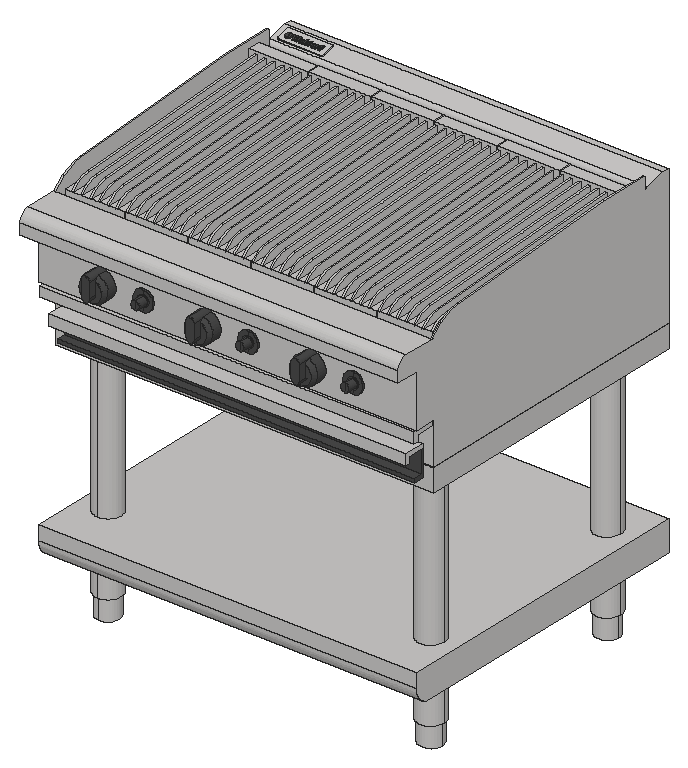
Revit family "QF_MOFFAT WALDORF_CHL8900G-LS", category Specialty Equipment, Revit 2012
Parameters
  Weight in Pounds = 0
  URL Cutsheet = "www.moffat.com"
  URL = "www.moffat.com"
  Type Mark [instance] = ""
  Status [instance] = ""
  Specification by User [instance] = ""
  Specification by Manufacturer = ""
  Show Logo [instance] = yes
  Serial Number = ""
  Seismic Rating = ""
  SMACNA No = ""
  Revision Code [instance] = ""
  Omniclass Number and Title = ""
  NAFEM Spec ID Number = ""
  Model = "CHL8900G-LS"
  Mechanical Remarks [instance] = ""
  Mechanical Connection Type [instance] = ""
  Masterspec = ""
  Manufacturer = "MOFFAT WALDORF"
  Item Number [instance] = ""
  Installed By [instance] = ""
  Identify Quantity as Lot [instance] = yes
  Gas Size = 3/4"
  Gas RI Height [instance] = 0 mm
  Gas KW [instance] = 27.7
  Gas Input [instance] = 94782.0 Btu/h
  Gas Connection Height = 0 mm
  Furnished By [instance] = ""
  Foodservice Equipment Identifier [instance] = yes
  Description = "CHARGRILL LOW SPLASHBACK ON LEG STAND"
  CSI MasterFormat = ""
  CSI Master Format = ""
  Body Finish = QF_Finishes_Stainless Steel
Reference planes
  plane 1 "BACK": y = 0
  plane 2: z = 0
  plane 3 "LEFT": x = 0
  plane 4 "RIGHT": x = 900
  plane 5 "FRONT": y = -805
  plane 6 "TOP": z = 1290
  plane 7 "Center Y": x = 450
  plane 8 "Center X": y = -402.5
  plane 9: z = 970
Forms (mm)
  Extrusion 1, solid, material "QF_Finishes_Stainless Steel" <- "Body Finish"
    sketch origin (0, 0, 0) x (0, 1, 0) y (0, 0, 1)
      loop
        line (-805, 891) -> (-805, 866) -> (-749, 866) -> (-749, 740) -> (-699, 740) -> (-699, 640) -> (0, 640) -> (0, 970) -> (-16.5, 970) -> (-61.106, 957.646)
        arc (-61.106, 957.646) -> (-67.52, 953.36) -> (-70, 946.055) r 12
        line (-70, 946.055) -> (-70, 875) -> (-705, 875) -> (-705, 915) -> (-781, 915)
        arc (-781, 915) -> (-797.971, 907.971) -> (-805, 891) r 24
      loop
        line (0, 585) -> (0, 639.206) -> (-699, 639.206) -> (-699, 585) -> (0, 585)
      loop
        line (0, 222.5) -> (-749, 222.5) -> (-749, 188)
        arc (-749, 188) -> (-737.87, 161.13) -> (-711, 150) r 38
        line (-711, 150) -> (0, 150) -> (0, 222.5)
    from 0 to 900
  Revolve 2, solid, material "QF_Finishes_Stainless Steel" <- "Body Finish"
    sketch origin (424.5, -625, 0) x (1, 0, 0) y (0, 0, -1)
      loop
        line (378.25, -585) -> (410, -585) -> (410, -222.5) -> (378.25, -222.5) -> (378.25, -585)
      loop
        line (378.25, -50) -> (378.25, -150) -> (410, -150) -> (410, 0) -> (382.5, 0) -> (382.5, -50) -> (378.25, -50)
      axis (410, -585) -> (410, 0)
    angle from 0 to 360
  Revolve 3, solid, material "QF_Finishes_Stainless Steel" <- "Body Finish"
    sketch origin (424.5, -100, 0) x (1, 0, 0) y (0, 0, -1)
      loop
        line (378.25, -585) -> (410, -585) -> (410, -222.5) -> (378.25, -222.5) -> (378.25, -585)
      loop
        line (378.25, -50) -> (378.25, -150) -> (410, -150) -> (410, 0) -> (382.5, 0) -> (382.5, -50) -> (378.25, -50)
      axis (410, -585) -> (410, 0)
    angle from 0 to 360
  Revolve 4, solid, material "QF_Finishes_Stainless Steel" <- "Body Finish"
    sketch origin (65.5, -735, 0) x (0, 1, 0) y (0, 0, 1)
      loop
        line (78.25, 585) -> (78.25, 222.5) -> (110, 222.5) -> (110, 585) -> (78.25, 585)
      loop
        line (78.25, 50) -> (82.5, 50) -> (82.5, 0) -> (110, 0) -> (110, 150) -> (78.25, 150) -> (78.25, 50)
      axis (110, 585) -> (110, 0)
    angle from 0 to 360
  Revolve 5, solid, material "QF_Finishes_Stainless Steel" <- "Body Finish"
    sketch origin (65.5, -210, 0) x (0, 1, 0) y (0, 0, 1)
      loop
        line (78.25, 585) -> (78.25, 222.5) -> (110, 222.5) -> (110, 585) -> (78.25, 585)
      loop
        line (78.25, 50) -> (82.5, 50) -> (82.5, 0) -> (110, 0) -> (110, 150) -> (78.25, 150) -> (78.25, 50)
      axis (110, 585) -> (110, 0)
    angle from 0 to 360
  Extrusion 6, solid, material "QF_Finishes_Stainless Steel" <- "Body Finish"
    sketch origin (0, 0, 0) x (0, 1, 0) y (0, 0, 1)
      loop
        line (-70, 875) -> (-70, 980)
        arc (-70, 980) -> (-71.464, 983.536) -> (-75, 985) r 5
        line (-75, 985) -> (-191, 985) -> (-626.365, 954.556)
        arc (-626.365, 954.556) -> (-652.77, 949.064) -> (-676.747, 936.715) r 100
        line (-676.747, 936.715) -> (-705, 915) -> (-705, 875) -> (-70, 875)
    from 0 to 4.5
  Extrusion 7, solid, material "QF_Finishes_Stainless Steel" <- "Body Finish"
    sketch origin (900, 0, 0) x (0, 1, 0) y (0, 0, -1)
      loop
        line (-70, -875) -> (-705, -875) -> (-705, -915) -> (-676.747, -936.715)
        arc (-676.747, -936.715) -> (-652.77, -949.064) -> (-626.365, -954.556) r 100
        line (-626.365, -954.556) -> (-191, -985) -> (-75, -985)
        arc (-75, -985) -> (-71.464, -983.536) -> (-70, -980) r 5
        line (-70, -980) -> (-70, -875)
    from 0 to 3
  Revolve 8, solid, material "QF_Finishes_Black"
    sketch origin (158, 0, 500) x (0, 1, 0) y (0, 0, 1)
      loop
        line (-782, 329.5) -> (-793, 323.651) -> (-793, 297) -> (-749, 297) -> (-749, 302) -> (-759, 302) -> (-759, 329.5) -> (-782, 329.5)
      axis (-793, 297) -> (-749, 297)
    angle from 0 to 360
  Extrusion 9, solid, material "QF_Finishes_Black"
    sketch origin (19.888, 0, 500) x (1, 0, 0) y (0, 0, 1)
      loop
        line (148.3, 289) -> (148.3, 324)
        arc (148.3, 324) -> (138.3, 334) -> (128.3, 324) r 10
        line (128.3, 324) -> (128.3, 289)
        arc (128.3, 289) -> (138.3, 279) -> (148.3, 289) r 10
    from 759 to 808
  Revolve 10, solid, material "QF_Finishes_Black"
    sketch origin (408.244, 0, -160) x (0, 1, 0) y (0, 0, -1)
      loop
        line (-782, -989.5) -> (-759, -989.5) -> (-759, -962) -> (-749, -962) -> (-749, -957) -> (-793, -957) -> (-793, -983.651) -> (-782, -989.5)
      axis (-793, -957) -> (-749, -957)
    angle from 0 to 360
  Extrusion 11, solid, material "QF_Finishes_Black"
    sketch origin (396.356, 0, -160) x (-1, 0, 0) y (0, 0, -1)
      loop
        arc (-1.7, -949) -> (-11.7, -939) -> (-21.7, -949) r 10
        line (-21.7, -949) -> (-21.7, -984)
        arc (-21.7, -984) -> (-11.7, -994) -> (-1.7, -984) r 10
        line (-1.7, -984) -> (-1.7, -949)
    from 759 to 808
  Revolve 12, solid, material "QF_Finishes_Black"
    sketch origin (258.187, 0, 500) x (0, 1, 0) y (0, 0, 1)
      loop
        line (-759, 302) -> (-759, 321) -> (-761.705, 321) -> (-761.705, 309.85) -> (-762.85, 309.85) -> (-762.85, 306.825) -> (-784.88, 306.825) -> (-784.88, 297) -> (-749, 297) -> (-749, 302) -> (-759, 302)
      axis (-749, 297) -> (-784.88, 297)
    angle from 0 to 360
  Revolve 13, solid, material "QF_Finishes_Black"
    sketch origin (508, 0, 500) x (0, 1, 0) y (0, 0, 1)
      loop
        line (-759, 302) -> (-759, 321) -> (-761.705, 321) -> (-761.705, 309.85) -> (-762.85, 309.85) -> (-762.85, 306.825) -> (-784.88, 306.825) -> (-784.88, 297) -> (-749, 297) -> (-749, 302) -> (-759, 302)
      axis (-749, 297) -> (-784.88, 297)
    angle from 0 to 360
  Extrusion 14, solid, material "QF_Finishes_Stainless Steel"
    sketch origin (276, 0, -160) x (0, 1, 0) y (0, 0, 1)
      loop
        line (-132, 1070.364) -> (-132, 1122.849) -> (-630.852, 1092.53)
        arc (-630.852, 1092.53) -> (-656.098, 1085.97) -> (-677, 1070.364) r 67.81
        line (-677, 1070.364) -> (-132, 1070.364)
    from 0 to 4.5
  Extrusion 15, solid, material "QF_Finishes_Stainless Steel"
    sketch origin (255, 0, -160) x (0, 1, 0) y (0, 0, 1)
      loop
        line (-132, 1070.364) -> (-132, 1122.849) -> (-630.852, 1092.53)
        arc (-630.852, 1092.53) -> (-656.098, 1085.97) -> (-677, 1070.364) r 67.81
        line (-677, 1070.364) -> (-132, 1070.364)
    from 0 to 4.5
  Extrusion 16, solid, material "QF_Finishes_Stainless Steel"
    sketch origin (234, 0, -160) x (0, 1, 0) y (0, 0, 1)
      loop
        line (-132, 1070.364) -> (-132, 1122.849) -> (-630.852, 1092.53)
        arc (-630.852, 1092.53) -> (-656.098, 1085.97) -> (-677, 1070.364) r 67.81
        line (-677, 1070.364) -> (-132, 1070.364)
    from 0 to 4.5
  Extrusion 17, solid, material "QF_Finishes_Stainless Steel"
    sketch origin (213, 0, -160) x (0, 1, 0) y (0, 0, 1)
      loop
        line (-132, 1070.364) -> (-132, 1122.849) -> (-630.852, 1092.53)
        arc (-630.852, 1092.53) -> (-656.098, 1085.97) -> (-677, 1070.364) r 67.81
        line (-677, 1070.364) -> (-132, 1070.364)
    from 0 to 4.5
  Extrusion 18, solid, material "QF_Finishes_Stainless Steel"
    sketch origin (192, 0, -160) x (0, 1, 0) y (0, 0, 1)
      loop
        line (-132, 1070.364) -> (-132, 1122.849) -> (-630.852, 1092.53)
        arc (-630.852, 1092.53) -> (-656.098, 1085.97) -> (-677, 1070.364) r 67.81
        line (-677, 1070.364) -> (-132, 1070.364)
    from 0 to 4.5
  Extrusion 19, solid, material "QF_Finishes_Stainless Steel"
    sketch origin (171, 0, -160) x (0, 1, 0) y (0, 0, 1)
      loop
        line (-132, 1070.364) -> (-132, 1122.849) -> (-630.852, 1092.53)
        arc (-630.852, 1092.53) -> (-656.098, 1085.97) -> (-677, 1070.364) r 67.81
        line (-677, 1070.364) -> (-132, 1070.364)
    from 0 to 4.5
  Extrusion 20, solid, material "QF_Finishes_Stainless Steel"
    sketch origin (150, 0, -160) x (0, 1, 0) y (0, 0, 1)
      loop
        line (-132, 1070.364) -> (-132, 1122.849) -> (-630.852, 1092.53)
        arc (-630.852, 1092.53) -> (-656.098, 1085.97) -> (-677, 1070.364) r 67.81
        line (-677, 1070.364) -> (-132, 1070.364)
    from 0 to 4.5
  Extrusion 21, solid, material "QF_Finishes_Stainless Steel"
    sketch origin (126, 0, -160) x (0, 1, 0) y (0, 0, 1)
      loop
        line (-132, 1070.364) -> (-132, 1122.849) -> (-630.852, 1092.53)
        arc (-630.852, 1092.53) -> (-656.098, 1085.97) -> (-677, 1070.364) r 67.81
        line (-677, 1070.364) -> (-132, 1070.364)
    from 0 to 4.5
  Extrusion 22, solid, material "QF_Finishes_Stainless Steel"
    sketch origin (105, 0, -160) x (0, 1, 0) y (0, 0, 1)
      loop
        line (-132, 1070.364) -> (-132, 1122.849) -> (-630.852, 1092.53)
        arc (-630.852, 1092.53) -> (-656.098, 1085.97) -> (-677, 1070.364) r 67.81
        line (-677, 1070.364) -> (-132, 1070.364)
    from 0 to 4.5
  Extrusion 23, solid, material "QF_Finishes_Stainless Steel"
    sketch origin (84, 0, -160) x (0, 1, 0) y (0, 0, 1)
      loop
        line (-132, 1070.364) -> (-132, 1122.849) -> (-630.852, 1092.53)
        arc (-630.852, 1092.53) -> (-656.098, 1085.97) -> (-677, 1070.364) r 67.81
        line (-677, 1070.364) -> (-132, 1070.364)
    from 0 to 4.5
  Extrusion 24, solid, material "QF_Finishes_Stainless Steel"
    sketch origin (63, 0, -160) x (0, 1, 0) y (0, 0, 1)
      loop
        line (-132, 1070.364) -> (-132, 1122.849) -> (-630.852, 1092.53)
        arc (-630.852, 1092.53) -> (-656.098, 1085.97) -> (-677, 1070.364) r 67.81
        line (-677, 1070.364) -> (-132, 1070.364)
    from 0 to 4.5
  Extrusion 25, solid, material "QF_Finishes_Stainless Steel"
    sketch origin (42, 0, -160) x (0, 1, 0) y (0, 0, 1)
      loop
        line (-132, 1070.364) -> (-132, 1122.849) -> (-630.852, 1092.53)
        arc (-630.852, 1092.53) -> (-656.098, 1085.97) -> (-677, 1070.364) r 67.81
        line (-677, 1070.364) -> (-132, 1070.364)
    from 0 to 4.5
  Extrusion 26, solid, material "QF_Finishes_Stainless Steel"
    sketch origin (21, 0, -160) x (0, 1, 0) y (0, 0, 1)
      loop
        line (-132, 1070.364) -> (-132, 1122.849) -> (-630.852, 1092.53)
        arc (-630.852, 1092.53) -> (-656.098, 1085.97) -> (-677, 1070.364) r 67.81
        line (-677, 1070.364) -> (-132, 1070.364)
    from 0 to 4.5
  Extrusion 27, solid, material "QF_Finishes_Stainless Steel"
    sketch origin (426, 0, -160) x (0, 1, 0) y (0, 0, 1)
      loop
        line (-132, 1070.364) -> (-132, 1122.849) -> (-630.852, 1092.53)
        arc (-630.852, 1092.53) -> (-656.098, 1085.97) -> (-677, 1070.364) r 67.81
        line (-677, 1070.364) -> (-132, 1070.364)
    from 0 to 4.5
  Extrusion 28, solid, material "QF_Finishes_Stainless Steel"
    sketch origin (405, 0, -160) x (0, 1, 0) y (0, 0, 1)
      loop
        line (-132, 1070.364) -> (-132, 1122.849) -> (-630.852, 1092.53)
        arc (-630.852, 1092.53) -> (-656.098, 1085.97) -> (-677, 1070.364) r 67.81
        line (-677, 1070.364) -> (-132, 1070.364)
    from 0 to 4.5
  Extrusion 29, solid, material "QF_Finishes_Stainless Steel"
    sketch origin (384, 0, -160) x (0, 1, 0) y (0, 0, 1)
      loop
        line (-132, 1070.364) -> (-132, 1122.849) -> (-630.852, 1092.53)
        arc (-630.852, 1092.53) -> (-656.098, 1085.97) -> (-677, 1070.364) r 67.81
        line (-677, 1070.364) -> (-132, 1070.364)
    from 0 to 4.5
  Extrusion 30, solid, material "QF_Finishes_Stainless Steel"
    sketch origin (363, 0, -160) x (0, 1, 0) y (0, 0, 1)
      loop
        line (-132, 1070.364) -> (-132, 1122.849) -> (-630.852, 1092.53)
        arc (-630.852, 1092.53) -> (-656.098, 1085.97) -> (-677, 1070.364) r 67.81
        line (-677, 1070.364) -> (-132, 1070.364)
    from 0 to 4.5
  Extrusion 31, solid, material "QF_Finishes_Stainless Steel"
    sketch origin (342, 0, -160) x (0, 1, 0) y (0, 0, 1)
      loop
        line (-132, 1070.364) -> (-132, 1122.849) -> (-630.852, 1092.53)
        arc (-630.852, 1092.53) -> (-656.098, 1085.97) -> (-677, 1070.364) r 67.81
        line (-677, 1070.364) -> (-132, 1070.364)
    from 0 to 4.5
  Extrusion 32, solid, material "QF_Finishes_Stainless Steel"
    sketch origin (321, 0, -160) x (0, 1, 0) y (0, 0, 1)
      loop
        line (-132, 1070.364) -> (-132, 1122.849) -> (-630.852, 1092.53)
        arc (-630.852, 1092.53) -> (-656.098, 1085.97) -> (-677, 1070.364) r 67.81
        line (-677, 1070.364) -> (-132, 1070.364)
    from 0 to 4.5
  Extrusion 33, solid, material "QF_Finishes_Stainless Steel"
    sketch origin (300, 0, -160) x (0, 1, 0) y (0, 0, 1)
      loop
        line (-132, 1070.364) -> (-132, 1122.849) -> (-630.852, 1092.53)
        arc (-630.852, 1092.53) -> (-656.098, 1085.97) -> (-677, 1070.364) r 67.81
        line (-677, 1070.364) -> (-132, 1070.364)
    from 0 to 4.5
  Extrusion 34, solid, material "QF_Finishes_Stainless Steel"
    sketch origin (576, 0, -160) x (0, 1, 0) y (0, 0, 1)
      loop
        line (-132, 1070.364) -> (-132, 1122.849) -> (-630.852, 1092.53)
        arc (-630.852, 1092.53) -> (-656.098, 1085.97) -> (-677, 1070.364) r 67.81
        line (-677, 1070.364) -> (-132, 1070.364)
    from 0 to 4.5
  Extrusion 35, solid, material "QF_Finishes_Stainless Steel"
    sketch origin (555, 0, -160) x (0, 1, 0) y (0, 0, 1)
      loop
        line (-132, 1070.364) -> (-132, 1122.849) -> (-630.852, 1092.53)
        arc (-630.852, 1092.53) -> (-656.098, 1085.97) -> (-677, 1070.364) r 67.81
        line (-677, 1070.364) -> (-132, 1070.364)
    from 0 to 4.5
  Extrusion 36, solid, material "QF_Finishes_Stainless Steel"
    sketch origin (534, 0, -160) x (0, 1, 0) y (0, 0, 1)
      loop
        line (-132, 1070.364) -> (-132, 1122.849) -> (-630.852, 1092.53)
        arc (-630.852, 1092.53) -> (-656.098, 1085.97) -> (-677, 1070.364) r 67.81
        line (-677, 1070.364) -> (-132, 1070.364)
    from 0 to 4.5
  Extrusion 37, solid, material "QF_Finishes_Stainless Steel"
    sketch origin (513, 0, -160) x (0, 1, 0) y (0, 0, 1)
      loop
        line (-132, 1070.364) -> (-132, 1122.849) -> (-630.852, 1092.53)
        arc (-630.852, 1092.53) -> (-656.098, 1085.97) -> (-677, 1070.364) r 67.81
        line (-677, 1070.364) -> (-132, 1070.364)
    from 0 to 4.5
  Extrusion 38, solid, material "QF_Finishes_Stainless Steel"
    sketch origin (492, 0, -160) x (0, 1, 0) y (0, 0, 1)
      loop
        line (-132, 1070.364) -> (-132, 1122.849) -> (-630.852, 1092.53)
        arc (-630.852, 1092.53) -> (-656.098, 1085.97) -> (-677, 1070.364) r 67.81
        line (-677, 1070.364) -> (-132, 1070.364)
    from 0 to 4.5
  Extrusion 39, solid, material "QF_Finishes_Stainless Steel"
    sketch origin (471, 0, -160) x (0, 1, 0) y (0, 0, 1)
      loop
        line (-132, 1070.364) -> (-132, 1122.849) -> (-630.852, 1092.53)
        arc (-630.852, 1092.53) -> (-656.098, 1085.97) -> (-677, 1070.364) r 67.81
        line (-677, 1070.364) -> (-132, 1070.364)
    from 0 to 4.5
  Extrusion 40, solid, material "QF_Finishes_Stainless Steel"
    sketch origin (450, 0, -160) x (0, 1, 0) y (0, 0, 1)
      loop
        line (-132, 1070.364) -> (-132, 1122.849) -> (-630.852, 1092.53)
        arc (-630.852, 1092.53) -> (-656.098, 1085.97) -> (-677, 1070.364) r 67.81
        line (-677, 1070.364) -> (-132, 1070.364)
    from 0 to 4.5
  Extrusion 41, solid, material "QF_Finishes_Stainless Steel"
    sketch origin (1, 3, 0) x (1, 0, 0) y (0, 1, 0)
      loop
        circle (215, -35) r 13.5
    from 555 to 585
  Extrusion 42, solid, material "QF_Finishes_Black"
    sketch origin (1, 0, 500) x (0, 1, 0) y (0, 0, 1)
      loop
        line (-704, 171.797) -> (-704, 118.047) -> (-724, 118.047) -> (-724, 108.047) -> (-685.346, 108.047) -> (-685.346, 171.797) -> (-704, 171.797)
    from 24.12 to 874.007
  Extrusion 43, solid, material "QF_Finishes_Stainless Steel"
    sketch origin (0, 0, 500) x (0, 1, 0) y (0, 0, 1)
      loop
        line (-751.27, 211.219) -> (-741.27, 211.219) -> (-741.27, 226.219) -> (-699, 226.219) -> (-699, 236.219) -> (-751.27, 236.219) -> (-751.27, 211.219)
    from 5.013 to 895
  Extrusion 44, solid, material "QF_Finishes_Stainless Steel"
    sketch origin (0, 0, 445.578) x (0, 1, 0) y (0, 0, 1)
      loop
        line (-751.27, 211.219) -> (-741.27, 211.219) -> (-741.27, 226.219) -> (-685.346, 226.219) -> (-685.346, 236.219) -> (-751.27, 236.219) -> (-751.27, 211.219)
    from 25.12 to 875.007
  Extrusion 45, solid, material "QF_Finishes_Stainless Steel"
    sketch origin (0, 0, -160) x (0, 1, 0) y (0, 0, 1)
      loop
        line (-132, 1070.364) -> (-677, 1070.364) -> (-677, 1035) -> (-102, 1035) -> (-102, 1130) -> (-132, 1130) -> (-132, 1070.364)
    from 4.5 to 147
  Extrusion 46, solid, material "QF_Finishes_Stainless Steel"
    sketch origin (145.5, 0, -160) x (0, 1, 0) y (0, 0, 1)
      loop
        line (-132, 1070.364) -> (-677, 1070.364) -> (-677, 1035) -> (-102, 1035) -> (-102, 1130) -> (-132, 1130) -> (-132, 1070.364)
    from 4.5 to 151.5
  Extrusion 47, solid, material "QF_Finishes_Stainless Steel"
    sketch origin (295.5, 0, -160) x (0, 1, 0) y (0, 0, 1)
      loop
        line (-132, 1070.364) -> (-677, 1070.364) -> (-677, 1035) -> (-102, 1035) -> (-102, 1130) -> (-132, 1130) -> (-132, 1070.364)
    from 4.5 to 151.5
  Extrusion 48, solid, material "QF_Finishes_Stainless Steel"
    sketch origin (445.5, 0, -160) x (0, 1, 0) y (0, 0, 1)
      loop
        line (-132, 1070.364) -> (-677, 1070.364) -> (-677, 1035) -> (-102, 1035) -> (-102, 1130) -> (-132, 1130) -> (-132, 1070.364)
    from 4.5 to 151.5
  Extrusion 49, solid, material "QF_Finishes_Stainless Steel"
    sketch origin (726, 0, -160) x (0, 1, 0) y (0, 0, 1)
      loop
        line (-132, 1070.364) -> (-132, 1122.849) -> (-630.852, 1092.53)
        arc (-630.852, 1092.53) -> (-656.098, 1085.97) -> (-677, 1070.364) r 67.81
        line (-677, 1070.364) -> (-132, 1070.364)
    from 0 to 4.5
  Extrusion 50, solid, material "QF_Finishes_Stainless Steel"
    sketch origin (705, 0, -160) x (0, 1, 0) y (0, 0, 1)
      loop
        line (-132, 1070.364) -> (-132, 1122.849) -> (-630.852, 1092.53)
        arc (-630.852, 1092.53) -> (-656.098, 1085.97) -> (-677, 1070.364) r 67.81
        line (-677, 1070.364) -> (-132, 1070.364)
    from 0 to 4.5
  Extrusion 51, solid, material "QF_Finishes_Stainless Steel"
    sketch origin (684, 0, -160) x (0, 1, 0) y (0, 0, 1)
      loop
        line (-132, 1070.364) -> (-132, 1122.849) -> (-630.852, 1092.53)
        arc (-630.852, 1092.53) -> (-656.098, 1085.97) -> (-677, 1070.364) r 67.81
        line (-677, 1070.364) -> (-132, 1070.364)
    from 0 to 4.5
  Extrusion 52, solid, material "QF_Finishes_Stainless Steel"
    sketch origin (663, 0, -160) x (0, 1, 0) y (0, 0, 1)
      loop
        line (-132, 1070.364) -> (-132, 1122.849) -> (-630.852, 1092.53)
        arc (-630.852, 1092.53) -> (-656.098, 1085.97) -> (-677, 1070.364) r 67.81
        line (-677, 1070.364) -> (-132, 1070.364)
    from 0 to 4.5
  Extrusion 53, solid, material "QF_Finishes_Stainless Steel"
    sketch origin (642, 0, -160) x (0, 1, 0) y (0, 0, 1)
      loop
        line (-132, 1070.364) -> (-132, 1122.849) -> (-630.852, 1092.53)
        arc (-630.852, 1092.53) -> (-656.098, 1085.97) -> (-677, 1070.364) r 67.81
        line (-677, 1070.364) -> (-132, 1070.364)
    from 0 to 4.5
  Extrusion 54, solid, material "QF_Finishes_Stainless Steel"
    sketch origin (621, 0, -160) x (0, 1, 0) y (0, 0, 1)
      loop
        line (-132, 1070.364) -> (-132, 1122.849) -> (-630.852, 1092.53)
        arc (-630.852, 1092.53) -> (-656.098, 1085.97) -> (-677, 1070.364) r 67.81
        line (-677, 1070.364) -> (-132, 1070.364)
    from 0 to 4.5
  Extrusion 55, solid, material "QF_Finishes_Stainless Steel"
    sketch origin (600, 0, -160) x (0, 1, 0) y (0, 0, 1)
      loop
        line (-132, 1070.364) -> (-132, 1122.849) -> (-630.852, 1092.53)
        arc (-630.852, 1092.53) -> (-656.098, 1085.97) -> (-677, 1070.364) r 67.81
        line (-677, 1070.364) -> (-132, 1070.364)
    from 0 to 4.5
  Extrusion 56, solid, material "QF_Finishes_Stainless Steel"
    sketch origin (595.5, 0, -160) x (0, 1, 0) y (0, 0, 1)
      loop
        line (-132, 1070.364) -> (-677, 1070.364) -> (-677, 1035) -> (-102, 1035) -> (-102, 1130) -> (-132, 1130) -> (-132, 1070.364)
    from 4.5 to 151.5
  Extrusion 57, solid, material "QF_Finishes_Stainless Steel"
    sketch origin (876, 0, -160) x (0, 1, 0) y (0, 0, 1)
      loop
        line (-132, 1070.364) -> (-132, 1122.849) -> (-630.852, 1092.53)
        arc (-630.852, 1092.53) -> (-656.098, 1085.97) -> (-677, 1070.364) r 67.81
        line (-677, 1070.364) -> (-132, 1070.364)
    from 0 to 4.5
  Extrusion 58, solid, material "QF_Finishes_Stainless Steel"
    sketch origin (855, 0, -160) x (0, 1, 0) y (0, 0, 1)
      loop
        line (-132, 1070.364) -> (-132, 1122.849) -> (-630.852, 1092.53)
        arc (-630.852, 1092.53) -> (-656.098, 1085.97) -> (-677, 1070.364) r 67.81
        line (-677, 1070.364) -> (-132, 1070.364)
    from 0 to 4.5
  Extrusion 59, solid, material "QF_Finishes_Stainless Steel"
    sketch origin (834, 0, -160) x (0, 1, 0) y (0, 0, 1)
      loop
        line (-132, 1070.364) -> (-132, 1122.849) -> (-630.852, 1092.53)
        arc (-630.852, 1092.53) -> (-656.098, 1085.97) -> (-677, 1070.364) r 67.81
        line (-677, 1070.364) -> (-132, 1070.364)
    from 0 to 4.5
  Extrusion 60, solid, material "QF_Finishes_Stainless Steel"
    sketch origin (813, 0, -160) x (0, 1, 0) y (0, 0, 1)
      loop
        line (-132, 1070.364) -> (-132, 1122.849) -> (-630.852, 1092.53)
        arc (-630.852, 1092.53) -> (-656.098, 1085.97) -> (-677, 1070.364) r 67.81
        line (-677, 1070.364) -> (-132, 1070.364)
    from 0 to 4.5
  Extrusion 61, solid, material "QF_Finishes_Stainless Steel"
    sketch origin (792, 0, -160) x (0, 1, 0) y (0, 0, 1)
      loop
        line (-132, 1070.364) -> (-132, 1122.849) -> (-630.852, 1092.53)
        arc (-630.852, 1092.53) -> (-656.098, 1085.97) -> (-677, 1070.364) r 67.81
        line (-677, 1070.364) -> (-132, 1070.364)
    from 0 to 4.5
  Extrusion 62, solid, material "QF_Finishes_Stainless Steel"
    sketch origin (771, 0, -160) x (0, 1, 0) y (0, 0, 1)
      loop
        line (-132, 1070.364) -> (-132, 1122.849) -> (-630.852, 1092.53)
        arc (-630.852, 1092.53) -> (-656.098, 1085.97) -> (-677, 1070.364) r 67.81
        line (-677, 1070.364) -> (-132, 1070.364)
    from 0 to 4.5
  Extrusion 63, solid, material "QF_Finishes_Stainless Steel"
    sketch origin (750, 0, -160) x (0, 1, 0) y (0, 0, 1)
      loop
        line (-132, 1070.364) -> (-132, 1122.849) -> (-630.852, 1092.53)
        arc (-630.852, 1092.53) -> (-656.098, 1085.97) -> (-677, 1070.364) r 67.81
        line (-677, 1070.364) -> (-132, 1070.364)
    from 0 to 4.5
  Extrusion 64, solid, material "QF_Finishes_Stainless Steel"
    sketch origin (745.5, 0, -160) x (0, 1, 0) y (0, 0, 1)
      loop
        line (-132, 1070.364) -> (-677, 1070.364) -> (-677, 1035) -> (-102, 1035) -> (-102, 1130) -> (-132, 1130) -> (-132, 1070.364)
    from 4.5 to 151.5
  Revolve 65, solid, material "QF_Finishes_Black"
    sketch origin (658.244, 0, -160) x (0, 1, 0) y (0, 0, -1)
      loop
        line (-782, -989.5) -> (-759, -989.5) -> (-759, -962) -> (-749, -962) -> (-749, -957) -> (-793, -957) -> (-793, -983.651) -> (-782, -989.5)
      axis (-793, -957) -> (-749, -957)
    angle from 0 to 360
  Extrusion 66, solid, material "QF_Finishes_Black"
    sketch origin (646.356, 0, -160) x (-1, 0, 0) y (0, 0, -1)
      loop
        arc (-1.7, -949) -> (-11.7, -939) -> (-21.7, -949) r 10
        line (-21.7, -949) -> (-21.7, -984)
        arc (-21.7, -984) -> (-11.7, -994) -> (-1.7, -984) r 10
        line (-1.7, -984) -> (-1.7, -949)
    from 759 to 808
  Revolve 67, solid, material "QF_Finishes_Black"
    sketch origin (758, 0, 500) x (0, 1, 0) y (0, 0, 1)
      loop
        line (-759, 302) -> (-759, 321) -> (-761.705, 321) -> (-761.705, 309.85) -> (-762.85, 309.85) -> (-762.85, 306.825) -> (-784.88, 306.825) -> (-784.88, 297) -> (-749, 297) -> (-749, 302) -> (-759, 302)
      axis (-749, 297) -> (-784.88, 297)
    angle from 0 to 360
Cuts and joins
  joined: Revolve 8, Extrusion 9
  joined: Revolve 10, Extrusion 11
  joined: Extrusion 1, Extrusion 6, Extrusion 7
Lines and regions (mm)
  Split face 1
    outline origin (0, -16.5, 970) x (0, -0.963721, -0.266912) y (1, 0, 0)
      loop
        line (1.962, 129.583) -> (28.336, 129.583) -> (28.336, 149.583) -> (1.962, 149.583) -> (1.962, 129.583)
  Split face 2
    outline origin (0, -16.5, 970) x (0, -0.963721, -0.266912) y (1, 0, 0)
      loop
        line (28.336, 156.5) -> (28.336, 176.5) -> (1.962, 176.5) -> (1.962, 156.5) -> (28.336, 156.5)
  Split face 3
    outline origin (0, -16.5, 970) x (0, -0.963721, -0.266912) y (1, 0, 0)
      loop
        line (28.336, 203.5) -> (1.962, 203.5) -> (1.962, 183.5) -> (28.336, 183.5) -> (28.336, 203.5)
  Split face 4
    outline origin (0, -16.5, 970) x (0, -0.963721, -0.266912) y (1, 0, 0)
      loop
        line (28.336, 230.5) -> (1.962, 230.5) -> (1.962, 210.5) -> (28.336, 210.5) -> (28.336, 230.5)
  Split face 5
    outline origin (0, -16.5, 970) x (0, -0.963721, -0.266912) y (1, 0, 0)
      loop
        line (28.336, 257.5) -> (1.962, 257.5) -> (1.962, 237.5) -> (28.336, 237.5) -> (28.336, 257.5)
  Split face 6
    outline origin (0, -16.5, 970) x (0, -0.963721, -0.266912) y (1, 0, 0)
      loop
        line (28.336, 264.5) -> (28.336, 284.5) -> (1.962, 284.5) -> (1.962, 264.5) -> (28.336, 264.5)
  Split face 7
    outline origin (0, -16.5, 970) x (0, -0.963721, -0.266912) y (1, 0, 0)
      loop
        line (28.336, 311.5) -> (1.962, 311.5) -> (1.962, 291.5) -> (28.336, 291.5) -> (28.336, 311.5)
  Split face 8
    outline origin (0, -16.5, 970) x (0, -0.963721, -0.266912) y (1, 0, 0)
      loop
        line (1.962, 338.5) -> (1.962, 318.5) -> (28.336, 318.5) -> (28.336, 338.5) -> (1.962, 338.5)
  Split face 9
    outline origin (0, -16.5, 970) x (0, -0.963721, -0.266912) y (1, 0, 0)
      loop
        line (1.962, 345.5) -> (28.336, 345.5) -> (28.336, 365.5) -> (1.962, 365.5) -> (1.962, 345.5)
  Split face 10
    outline origin (0, -16.5, 970) x (0, -0.963721, -0.266912) y (1, 0, 0)
      loop
        line (28.336, 372.579) -> (28.336, 392.579) -> (1.962, 392.579) -> (1.962, 372.579) -> (28.336, 372.579)
  Split face 11
    outline origin (0, -16.5, 970) x (0, -0.963721, -0.266912) y (1, 0, 0)
      loop
        line (28.336, 399.534) -> (28.336, 419.534) -> (1.962, 419.534) -> (1.962, 399.534) -> (28.336, 399.534)
  Split face 12
    outline origin (900, -699, 740) x (-1, 0, 0) y (0, 0, -1)
      loop
        line (874.88, 98.75) -> (24.993, 98.75) -> (24.993, 1.25) -> (874.88, 1.25) -> (874.88, 98.75)
  Split face 13
    outline origin (27, -16.5, 970) x (0, -0.963721, -0.266912) y (1, 0, 0)
      loop
        line (28.336, 399.534) -> (28.336, 419.534) -> (1.962, 419.534) -> (1.962, 399.534) -> (28.336, 399.534)
  Split face 14
    outline origin (54, -16.5, 970) x (0, -0.963721, -0.266912) y (1, 0, 0)
      loop
        line (28.336, 399.534) -> (28.336, 419.534) -> (1.962, 419.534) -> (1.962, 399.534) -> (28.336, 399.534)
  Split face 15
    outline origin (81, -16.5, 970) x (0, -0.963721, -0.266912) y (1, 0, 0)
      loop
        line (28.336, 399.534) -> (28.336, 419.534) -> (1.962, 419.534) -> (1.962, 399.534) -> (28.336, 399.534)
  Split face 16
    outline origin (108, -16.5, 970) x (0, -0.963721, -0.266912) y (1, 0, 0)
      loop
        line (28.336, 399.534) -> (28.336, 419.534) -> (1.962, 419.534) -> (1.962, 399.534) -> (28.336, 399.534)
  Split face 17
    outline origin (135, -16.5, 970) x (0, -0.963721, -0.266912) y (1, 0, 0)
      loop
        line (28.336, 399.534) -> (28.336, 419.534) -> (1.962, 419.534) -> (1.962, 399.534) -> (28.336, 399.534)
  Split face 18
    outline origin (162, -16.5, 970) x (0, -0.963721, -0.266912) y (1, 0, 0)
      loop
        line (28.336, 399.534) -> (28.336, 419.534) -> (1.962, 419.534) -> (1.962, 399.534) -> (28.336, 399.534)
  Split face 19
    outline origin (189, -16.5, 970) x (0, -0.963721, -0.266912) y (1, 0, 0)
      loop
        line (28.336, 399.534) -> (28.336, 419.534) -> (1.962, 419.534) -> (1.962, 399.534) -> (28.336, 399.534)
  Split face 20
    outline origin (216, -16.5, 970) x (0, -0.963721, -0.266912) y (1, 0, 0)
      loop
        line (28.336, 399.534) -> (28.336, 419.534) -> (1.962, 419.534) -> (1.962, 399.534) -> (28.336, 399.534)
  Split face 21
    outline origin (243, -16.5, 970) x (0, -0.963721, -0.266912) y (1, 0, 0)
      loop
        line (28.336, 399.534) -> (28.336, 419.534) -> (1.962, 419.534) -> (1.962, 399.534) -> (28.336, 399.534)
  Split face 22
    outline origin (270, -16.5, 970) x (0, -0.963721, -0.266912) y (1, 0, 0)
      loop
        line (28.336, 399.534) -> (28.336, 419.534) -> (1.962, 419.534) -> (1.962, 399.534) -> (28.336, 399.534)
  Split face 23
    outline origin (297, -16.5, 970) x (0, -0.963721, -0.266912) y (1, 0, 0)
      loop
        line (28.336, 399.534) -> (28.336, 419.534) -> (1.962, 419.534) -> (1.962, 399.534) -> (28.336, 399.534)
  Split face 24
    outline origin (324, -16.5, 970) x (0, -0.963721, -0.266912) y (1, 0, 0)
      loop
        line (28.336, 399.534) -> (28.336, 419.534) -> (1.962, 419.534) -> (1.962, 399.534) -> (28.336, 399.534)
  Split face 25
    outline origin (351, -16.5, 970) x (0, -0.963721, -0.266912) y (1, 0, 0)
      loop
        line (28.336, 399.534) -> (28.336, 419.534) -> (1.962, 419.534) -> (1.962, 399.534) -> (28.336, 399.534)
  symbolic lines
    curve 1: line (0, 0, 0) -> (0, -805, 0)
    curve 2: line (900, 0, 0) -> (0, 0, 0)
    curve 3: line (900, -805, 0) -> (900, 0, 0)
    curve 4: line (0, -70, 0) -> (900, -70, 0)
    curve 5: line (0, -805, 0) -> (900, -805, 0)
    curve 6: line (12.5, -51.234, 0) -> (12.5, -20.958, 0)
    curve 7: line (12.5, -20.958, 0) -> (121.5, -20.958, 0)
    curve 8: line (12.5, -51.234, 0) -> (121.5, -51.234, 0)
    curve 9: line (121.5, -20.958, 0) -> (121.5, -51.234, 0)
    curve 10: line (129.583, -22.262, 0) -> (129.583, -50.526, 0)
    curve 11: line (129.583, -50.526, 0) -> (149.583, -50.526, 0)
    curve 12: line (149.583, -50.526, 0) -> (149.583, -22.262, 0)
    curve 13: line (149.583, -22.262, 0) -> (129.583, -22.262, 0)
    curve 14: line (156.5, -22.262, 0) -> (156.5, -50.526, 0)
    curve 15: line (156.5, -50.526, 0) -> (176.5, -50.526, 0)
    curve 16: line (176.5, -50.526, 0) -> (176.5, -22.262, 0)
    curve 17: line (176.5, -22.262, 0) -> (156.5, -22.262, 0)
    curve 18: line (183.5, -22.262, 0) -> (183.5, -50.526, 0)
    curve 19: line (183.5, -50.526, 0) -> (203.5, -50.526, 0)
    curve 20: line (203.5, -50.526, 0) -> (203.5, -22.262, 0)
    curve 21: line (203.5, -22.262, 0) -> (183.5, -22.262, 0)
    curve 22: line (210.5, -22.262, 0) -> (210.5, -50.526, 0)
    curve 23: line (210.5, -50.526, 0) -> (230.5, -50.526, 0)
    curve 24: line (230.5, -50.526, 0) -> (230.5, -22.262, 0)
    curve 25: line (230.5, -22.262, 0) -> (210.5, -22.262, 0)
    curve 26: line (237.5, -22.262, 0) -> (237.5, -50.526, 0)
    curve 27: line (237.5, -50.526, 0) -> (257.5, -50.526, 0)
    curve 28: line (257.5, -50.526, 0) -> (257.5, -22.262, 0)
    curve 29: line (257.5, -22.262, 0) -> (237.5, -22.262, 0)
    curve 30: line (264.5, -22.262, 0) -> (264.5, -50.526, 0)
    curve 31: line (264.5, -50.526, 0) -> (284.5, -50.526, 0)
    curve 32: line (284.5, -50.526, 0) -> (284.5, -22.262, 0)
    curve 33: line (284.5, -22.262, 0) -> (264.5, -22.262, 0)
    curve 34: line (291.5, -22.262, 0) -> (291.5, -50.526, 0)
    curve 35: line (291.5, -50.526, 0) -> (311.5, -50.526, 0)
    curve 36: line (311.5, -50.526, 0) -> (311.5, -22.262, 0)
    curve 37: line (311.5, -22.262, 0) -> (291.5, -22.262, 0)
    curve 38: line (318.5, -22.262, 0) -> (318.5, -50.526, 0)
    curve 39: line (318.5, -50.526, 0) -> (338.5, -50.526, 0)
    curve 40: line (338.5, -50.526, 0) -> (338.5, -22.262, 0)
    curve 41: line (338.5, -22.262, 0) -> (318.5, -22.262, 0)
    curve 42: line (345.5, -22.262, 0) -> (345.5, -50.526, 0)
    curve 43: line (345.5, -50.526, 0) -> (365.5, -50.526, 0)
    curve 44: line (365.5, -50.526, 0) -> (365.5, -22.262, 0)
    curve 45: line (365.5, -22.262, 0) -> (345.5, -22.262, 0)
    curve 46: line (372.5, -22.262, 0) -> (372.5, -50.526, 0)
    curve 47: line (372.5, -50.526, 0) -> (392.5, -50.526, 0)
    curve 48: line (392.5, -50.526, 0) -> (392.5, -22.262, 0)
    curve 49: line (392.5, -22.262, 0) -> (372.5, -22.262, 0)
    curve 50: line (399.5, -22.262, 0) -> (399.5, -50.526, 0)
    curve 51: line (399.5, -50.526, 0) -> (419.5, -50.526, 0)
    curve 52: line (419.5, -50.526, 0) -> (419.5, -22.262, 0)
    curve 53: line (419.5, -22.262, 0) -> (399.5, -22.262, 0)
    curve 54: line (426.5, -22.262, 0) -> (426.5, -50.526, 0)
    curve 55: line (426.5, -50.526, 0) -> (446.5, -50.526, 0)
    curve 56: line (446.5, -50.526, 0) -> (446.5, -22.262, 0)
    curve 57: line (446.5, -22.262, 0) -> (426.5, -22.262, 0)
    curve 58: line (453.5, -22.262, 0) -> (453.5, -50.526, 0)
    curve 59: line (453.5, -50.526, 0) -> (473.5, -50.526, 0)
    curve 60: line (473.5, -50.526, 0) -> (473.5, -22.262, 0)
    curve 61: line (473.5, -22.262, 0) -> (453.5, -22.262, 0)
    curve 62: line (900, -705, 0) -> (0, -705, 0)
    curve 63: line (4.5, -705, 0) -> (4.5, -70, 0)
    curve 64: line (897, -70, 0) -> (897, -705, 0)
    curve 65: line (480.5, -22.262, 0) -> (480.5, -50.526, 0)
    curve 66: line (480.5, -50.526, 0) -> (500.5, -50.526, 0)
    curve 67: line (500.5, -50.526, 0) -> (500.5, -22.262, 0)
    curve 68: line (500.5, -22.262, 0) -> (480.5, -22.262, 0)
    curve 69: line (507.5, -22.262, 0) -> (507.5, -50.526, 0)
    curve 70: line (507.5, -50.526, 0) -> (527.5, -50.526, 0)
    curve 71: line (527.5, -50.526, 0) -> (527.5, -22.262, 0)
    curve 72: line (527.5, -22.262, 0) -> (507.5, -22.262, 0)
    curve 73: line (534.5, -22.262, 0) -> (534.5, -50.526, 0)
    curve 74: line (534.5, -50.526, 0) -> (554.5, -50.526, 0)
    curve 75: line (554.5, -50.526, 0) -> (554.5, -22.262, 0)
    curve 76: line (554.5, -22.262, 0) -> (534.5, -22.262, 0)
    curve 77: line (561.5, -22.262, 0) -> (561.5, -50.526, 0)
    curve 78: line (561.5, -50.526, 0) -> (581.5, -50.526, 0)
    curve 79: line (581.5, -50.526, 0) -> (581.5, -22.262, 0)
    curve 80: line (581.5, -22.262, 0) -> (561.5, -22.262, 0)
    curve 81: line (588.5, -22.262, 0) -> (588.5, -50.526, 0)
    curve 82: line (588.5, -50.526, 0) -> (608.5, -50.526, 0)
    curve 83: line (608.5, -50.526, 0) -> (608.5, -22.262, 0)
    curve 84: line (608.5, -22.262, 0) -> (588.5, -22.262, 0)
    curve 85: line (615.5, -22.262, 0) -> (615.5, -50.526, 0)
    curve 86: line (615.5, -50.526, 0) -> (635.5, -50.526, 0)
    curve 87: line (635.5, -50.526, 0) -> (635.5, -22.262, 0)
    curve 88: line (635.5, -22.262, 0) -> (615.5, -22.262, 0)
    curve 89: line (642.5, -22.262, 0) -> (642.5, -50.526, 0)
    curve 90: line (642.5, -50.526, 0) -> (662.5, -50.526, 0)
    curve 91: line (662.5, -50.526, 0) -> (662.5, -22.262, 0)
    curve 92: line (662.5, -22.262, 0) -> (642.5, -22.262, 0)
    curve 93: line (669.5, -22.262, 0) -> (669.5, -50.526, 0)
    curve 94: line (669.5, -50.526, 0) -> (689.5, -50.526, 0)
    curve 95: line (689.5, -50.526, 0) -> (689.5, -22.262, 0)
    curve 96: line (689.5, -22.262, 0) -> (669.5, -22.262, 0)
    curve 97: line (696.5, -22.262, 0) -> (696.5, -50.526, 0)
    curve 98: line (696.5, -50.526, 0) -> (716.5, -50.526, 0)
    curve 99: line (716.5, -50.526, 0) -> (716.5, -22.262, 0)
    curve 100: line (716.5, -22.262, 0) -> (696.5, -22.262, 0)
    curve 101: line (723.5, -22.262, 0) -> (723.5, -50.526, 0)
    curve 102: line (723.5, -50.526, 0) -> (743.5, -50.526, 0)
    curve 103: line (743.5, -50.526, 0) -> (743.5, -22.262, 0)
    curve 104: line (743.5, -22.262, 0) -> (723.5, -22.262, 0)
    curve 105: line (750.5, -22.262, 0) -> (750.5, -50.526, 0)
    curve 106: line (750.5, -50.526, 0) -> (770.5, -50.526, 0)
    curve 107: line (770.5, -50.526, 0) -> (770.5, -22.262, 0)
    curve 108: line (770.5, -22.262, 0) -> (750.5, -22.262, 0)
Dimensions and locks
  equal spacing: plane 3 "LEFT", plane 7 "Center Y", plane 4 "RIGHT"
  plane 3 "LEFT" to plane 4 "RIGHT" = 900 mm
  equal spacing: plane 5 "FRONT", plane 8 "Center X", plane 1 "BACK"
  plane 5 "FRONT" to plane 1 "BACK" = 805 mm  (x2)
  equal spacing: plane 4 "RIGHT", plane 7 "Center Y", plane 3 "LEFT"
  plane 4 "RIGHT" to plane 3 "LEFT" = 900 mm
  cut or joined group of Extrusion 1, Extrusion 6, Extrusion 7 to level = 915 mm
  Extrusion 41 to level = 555 mm
  Extrusion 41 to plane 1 "BACK" = 32 mm
  cut or joined group of Extrusion 1, Extrusion 6, Extrusion 7 to plane 1 "BACK" = 70 mm
  level to cut or joined group of Extrusion 1, Extrusion 6, Extrusion 7 = 585 mm
  locked: plane 3 "LEFT" to Extrusion 41 sketch curve at 216
  Revolve 2 sketch curve to Revolve 2 sketch curve to Revolve 2 sketch curve = 27.5 mm locked, 4.25 mm locked
  locked: Revolve 2 sketch curve to plane 4 "RIGHT" at 65.5
  Revolve 3 sketch curve to Revolve 3 sketch curve to Revolve 3 sketch curve = 4.25 mm locked, 27.5 mm locked
  locked: Revolve 3 sketch curve to plane 4 "RIGHT" at 65.5
  plane 9 to level = 970 mm  (x2)
  aligned and locked: level to plane 2
  aligned and locked: curve 3 to plane 4 "RIGHT"
  aligned and locked: Extrusion 42 to Extrusion 44
  aligned and locked: cut or joined group of Extrusion 1, Extrusion 6, Extrusion 7 to plane 4 "RIGHT"
  aligned and locked: Revolve 2 sketch curve to Revolve 2 sketch curve
  aligned and locked: Revolve 3 sketch curve to Revolve 3 sketch curve
Automatic sketch dimensions
  plane 1 "BACK" to curve 1 = 0 mm
  curve 1 to plane 3 "LEFT" = 0 mm
  plane 5 "FRONT" to curve 1 = 0 mm
  plane 3 "LEFT" to curve 63 = 4.5 mm
  plane 3 "LEFT" to curve 8 = 12.5 mm
  plane 1 "BACK" to curve 7 = 20.958 mm
  curve 6 to curve 7 = 109 mm
  curve 8 to curve 11 = 8.083 mm
  curve 10 to curve 13 = 20 mm
  curve 11 to curve 15 = 6.917 mm
  curve 14 to curve 15 = 20 mm
  curve 15 to curve 19 = 7 mm
  curve 18 to curve 21 = 20 mm
  curve 19 to curve 23 = 7 mm
  curve 22 to curve 25 = 20 mm
  curve 23 to curve 27 = 7 mm
  curve 26 to curve 29 = 20 mm
  curve 28 to curve 33 = 7 mm
  curve 30 to curve 31 = 20 mm
  curve 31 to curve 35 = 7 mm
  curve 34 to curve 35 = 20 mm
  curve 35 to curve 38 = 7 mm
  curve 38 to curve 41 = 20 mm
  curve 40 to curve 45 = 7 mm
  curve 42 to curve 43 = 20 mm
  curve 43 to curve 47 = 7 mm
  curve 46 to curve 47 = 20 mm
  curve 47 to curve 51 = 7 mm
  curve 50 to curve 51 = 20 mm
  curve 51 to curve 55 = 7 mm
  curve 55 to plane 7 "Center Y" = 3.5 mm
  plane 7 "Center Y" to curve 58 = 3.5 mm
  curve 58 to curve 59 = 20 mm
  curve 59 to curve 65 = 7 mm
  curve 65 to curve 68 = 20 mm
  curve 66 to curve 69 = 7 mm
  curve 69 to curve 71 = 20 mm
  curve 70 to curve 74 = 7 mm
  curve 73 to curve 74 = 20 mm
  curve 74 to curve 78 = 7 mm
  curve 77 to curve 79 = 20 mm
  curve 78 to curve 81 = 7 mm
  curve 81 to curve 82 = 20 mm
  curve 83 to curve 88 = 7 mm
  curve 85 to curve 87 = 20 mm
  curve 87 to curve 89 = 7 mm
  curve 89 to curve 91 = 20 mm
  curve 90 to curve 93 = 7 mm
  curve 93 to curve 95 = 20 mm
  curve 94 to curve 98 = 7 mm
  curve 97 to curve 99 = 20 mm
  curve 98 to curve 101 = 7 mm
  curve 101 to curve 104 = 20 mm
  curve 102 to curve 105 = 7 mm
  curve 105 to curve 106 = 20 mm
  plane 4 "RIGHT" to curve 64 = 3 mm
  curve 62 to plane 5 "FRONT" = 100 mm
  plane 1 "BACK" to curve 4 = 70 mm
  curve 9 to curve 7 = 30.277 mm
  plane 1 "BACK" to curve 101 = 50.526 mm
  curve 102 to curve 105 = 0 mm
  curve 99 to curve 101 = 0 mm  (x2)
  curve 8 to curve 10 = 0.709 mm
  curve 95 to curve 97 = 0 mm  (x2)
  curve 11 to curve 14 = 0 mm
  curve 91 to curve 93 = 0 mm  (x2)
  curve 15 to curve 18 = 0 mm
  curve 87 to curve 89 = 0 mm  (x2)
  curve 19 to curve 22 = 0 mm
  curve 83 to curve 85 = 0 mm  (x2)
  curve 23 to curve 26 = 0 mm
  curve 79 to curve 81 = 0 mm  (x2)
  curve 27 to curve 30 = 0 mm
  curve 75 to curve 77 = 0 mm  (x2)
  curve 31 to curve 34 = 0 mm
  curve 71 to curve 73 = 0 mm  (x2)
  curve 35 to curve 38 = 0 mm
  curve 67 to curve 69 = 0 mm  (x2)
  curve 39 to curve 42 = 0 mm
  curve 43 to curve 46 = 0 mm
  curve 47 to curve 50 = 0 mm
  curve 51 to curve 55 = 0 mm
  curve 60 to curve 65 = 0 mm  (x2)
  plane 1 "BACK" to curve 57 = 22.262 mm
  curve 56 to curve 58 = 0 mm
  plane 1 "BACK" to curve 108 = 22.262 mm
  plane 1 "BACK" to curve 53 = 22.262 mm
  plane 1 "BACK" to curve 49 = 22.262 mm
  plane 1 "BACK" to curve 45 = 22.262 mm
  plane 1 "BACK" to curve 41 = 22.262 mm
  plane 1 "BACK" to curve 37 = 22.262 mm
  plane 1 "BACK" to curve 33 = 22.262 mm
  plane 1 "BACK" to curve 29 = 22.262 mm
  plane 1 "BACK" to curve 25 = 22.262 mm
  plane 1 "BACK" to curve 21 = 22.262 mm
  plane 1 "BACK" to curve 17 = 22.262 mm
  curve 13 to curve 7 = 1.304 mm
  Revolve 2 sketch curve to level = 0 mm
  level to Revolve 2 sketch curve = 50 mm
  Revolve 2 sketch curve to Revolve 2 sketch curve = 0 mm
  Revolve 2 sketch curve to Revolve 2 sketch curve = 535 mm
  Revolve 2 sketch curve to Revolve 2 sketch curve = 55 mm
  Extrusion 1 to Split face 1 sketch curve = 1.962 mm
  Split face 1 sketch curve to Extrusion 1 = 129.583 mm
  Split face 1 sketch curve to Split face 1 sketch curve = 20 mm
  Extrusion 1 to Split face 2 sketch curve = 1.962 mm
  Split face 2 sketch curve to Extrusion 1 = 156.5 mm
  Split face 2 sketch curve to Split face 2 sketch curve = 20 mm
  Extrusion 1 to Split face 3 sketch curve = 1.962 mm
  Split face 3 sketch curve to Extrusion 1 = 183.5 mm
  Split face 3 sketch curve to Split face 3 sketch curve = 20 mm
  Extrusion 1 to Split face 4 sketch curve = 1.962 mm
  Split face 4 sketch curve to Extrusion 1 = 210.5 mm
  Split face 4 sketch curve to Split face 4 sketch curve = 20 mm
  Extrusion 1 to Split face 5 sketch curve = 1.962 mm
  Split face 5 sketch curve to Extrusion 1 = 237.5 mm
  Split face 5 sketch curve to Split face 5 sketch curve = 20 mm
  Extrusion 1 to Split face 6 sketch curve = 1.962 mm
  Split face 6 sketch curve to Extrusion 1 = 264.5 mm
  Split face 6 sketch curve to Split face 6 sketch curve = 20 mm
  Extrusion 1 to Split face 7 sketch curve = 1.962 mm
  Split face 7 sketch curve to Extrusion 1 = 291.5 mm
  Split face 7 sketch curve to Split face 7 sketch curve = 20 mm
  Extrusion 1 to Split face 8 sketch curve = 1.962 mm
  Split face 8 sketch curve to Extrusion 1 = 318.5 mm
  Split face 8 sketch curve to Split face 8 sketch curve = 20 mm
  Extrusion 1 to Split face 9 sketch curve = 1.962 mm
  Split face 9 sketch curve to Extrusion 1 = 345.5 mm
  Split face 9 sketch curve to Split face 9 sketch curve = 20 mm
  Extrusion 1 to Split face 10 sketch curve = 1.962 mm
  Split face 10 sketch curve to Extrusion 1 = 372.579 mm
  Split face 10 sketch curve to Split face 10 sketch curve = 20 mm
  Extrusion 1 to Split face 11 sketch curve = 1.962 mm
  Split face 11 sketch curve to Extrusion 1 = 399.534 mm
  Split face 11 sketch curve to Split face 11 sketch curve = 20 mm
  Revolve 3 sketch curve to level = 0 mm
  level to Revolve 3 sketch curve = 50 mm
  Revolve 3 sketch curve to Revolve 3 sketch curve = 0 mm
  Revolve 3 sketch curve to Revolve 3 sketch curve = 535 mm
  Revolve 3 sketch curve to Revolve 3 sketch curve = 55 mm
  Revolve 4 sketch curve to level = 0 mm
  level to Revolve 4 sketch curve = 50 mm
  Revolve 4 sketch curve to plane 5 "FRONT" = 148.25 mm
  Revolve 4 sketch curve to Revolve 4 sketch curve = 4.25 mm
  Revolve 4 sketch curve to Revolve 4 sketch curve = 27.5 mm  (x2)
  Revolve 4 sketch curve to Revolve 4 sketch curve = 55 mm
  Revolve 4 sketch curve to Revolve 4 sketch curve = 0 mm
  Revolve 4 sketch curve to Revolve 4 sketch curve = 535 mm
  Revolve 5 sketch curve to level = 0 mm
  level to Revolve 5 sketch curve = 50 mm
  Revolve 5 sketch curve to Revolve 5 sketch curve = 4.25 mm
  Revolve 5 sketch curve to Revolve 5 sketch curve = 27.5 mm  (x2)
  Revolve 5 sketch curve to Revolve 5 sketch curve = 55 mm
  Revolve 5 sketch curve to Revolve 5 sketch curve = 0 mm
  Revolve 5 sketch curve to Revolve 5 sketch curve = 535 mm
  Extrusion 6 sketch curve to plane 5 "FRONT" = 100 mm
  Revolve 8 sketch curve to plane 5 "FRONT" = 12 mm
  Revolve 8 sketch curve to Revolve 8 sketch curve = 0 mm  (x2)
  Revolve 8 sketch curve to Revolve 8 sketch curve = 11 mm
  Revolve 8 sketch curve to Revolve 8 sketch curve = 12.7 mm
  Revolve 8 sketch curve to Revolve 8 sketch curve = 23 mm
  Revolve 8 sketch curve to Revolve 8 sketch curve = 10 mm
  level to Revolve 8 sketch curve = 797 mm
  Revolve 8 sketch curve to Revolve 8 sketch curve = 5 mm
  Revolve 8 sketch curve to Revolve 8 sketch curve = 26.651 mm
  Revolve 8 sketch curve to Revolve 8 sketch curve = 5.849 mm
  plane 3 "LEFT" to Extrusion 9 sketch curve = 148.187 mm
  Extrusion 9 sketch curve to Extrusion 9 sketch curve = 10 mm
  level to Extrusion 9 sketch curve = 789 mm
  Extrusion 9 sketch curve to Extrusion 9 sketch curve = 35 mm
  Revolve 10 sketch curve to plane 5 "FRONT" = 12 mm
  Revolve 10 sketch curve to Revolve 10 sketch curve = 0 mm  (x2)
  Revolve 10 sketch curve to Revolve 10 sketch curve = 11 mm
  Revolve 10 sketch curve to Revolve 10 sketch curve = 12.7 mm
  Revolve 10 sketch curve to Revolve 10 sketch curve = 23 mm
  Revolve 10 sketch curve to Revolve 10 sketch curve = 10 mm
  Revolve 10 sketch curve to plane 6 "TOP" = 460.5 mm
  Revolve 10 sketch curve to Revolve 10 sketch curve = 5.849 mm
  Revolve 10 sketch curve to Revolve 10 sketch curve = 27.5 mm
  Revolve 10 sketch curve to Revolve 10 sketch curve = 5 mm
  Extrusion 11 sketch curve to plane 7 "Center Y" = 31.944 mm
  Extrusion 11 sketch curve to Extrusion 11 sketch curve = 10 mm
  Extrusion 11 sketch curve to plane 6 "TOP" = 466 mm
  Extrusion 11 sketch curve to Extrusion 11 sketch curve = 35 mm
  Revolve 12 sketch curve to plane 5 "FRONT" = 20.12 mm
  Revolve 12 sketch curve to Revolve 12 sketch curve = 6.83 mm
  Revolve 12 sketch curve to Revolve 12 sketch curve = 15.2 mm
  Revolve 12 sketch curve to Revolve 12 sketch curve = 1.144 mm
  Revolve 12 sketch curve to Revolve 12 sketch curve = 3.85 mm
  Revolve 12 sketch curve to Revolve 12 sketch curve = 0 mm  (x2)
  Revolve 12 sketch curve to Revolve 12 sketch curve = 10 mm
  level to Revolve 12 sketch curve = 797 mm
  Revolve 12 sketch curve to Revolve 12 sketch curve = 5 mm
  Revolve 12 sketch curve to Revolve 12 sketch curve = 4.825 mm
  Revolve 12 sketch curve to Revolve 12 sketch curve = 3.025 mm
  Revolve 12 sketch curve to Revolve 12 sketch curve = 11.15 mm
  Revolve 13 sketch curve to plane 5 "FRONT" = 20.12 mm
  Revolve 13 sketch curve to Revolve 13 sketch curve = 6.83 mm
  Revolve 13 sketch curve to Revolve 13 sketch curve = 15.2 mm
  Revolve 13 sketch curve to Revolve 13 sketch curve = 1.144 mm
  Revolve 13 sketch curve to Revolve 13 sketch curve = 3.85 mm
  Revolve 13 sketch curve to Revolve 13 sketch curve = 0 mm  (x2)
  Revolve 13 sketch curve to Revolve 13 sketch curve = 10 mm
  level to Revolve 13 sketch curve = 797 mm
  Revolve 13 sketch curve to Revolve 13 sketch curve = 5 mm
  Revolve 13 sketch curve to Revolve 13 sketch curve = 4.825 mm
  Revolve 13 sketch curve to Revolve 13 sketch curve = 3.025 mm
  Revolve 13 sketch curve to Revolve 13 sketch curve = 11.15 mm
  Extrusion 14 sketch curve to plane 5 "FRONT" = 128 mm
  Extrusion 14 sketch curve to Extrusion 14 sketch curve = 46.148 mm
  Extrusion 14 sketch curve to Extrusion 14 sketch curve = 4.114 mm
  plane 1 "BACK" to Extrusion 14 sketch curve = 132 mm
  Extrusion 14 sketch curve to plane 6 "TOP" = 425.155 mm
  Extrusion 14 sketch curve to plane 6 "TOP" = 379.636 mm
  Extrusion 14 sketch curve to Extrusion 14 sketch curve = 52.486 mm
  Extrusion 15 sketch curve to plane 5 "FRONT" = 128 mm
  Extrusion 15 sketch curve to Extrusion 15 sketch curve = 46.148 mm
  Extrusion 15 sketch curve to Extrusion 15 sketch curve = 50.262 mm
  plane 1 "BACK" to Extrusion 15 sketch curve = 132 mm
  Extrusion 15 sketch curve to plane 6 "TOP" = 425.155 mm
  Extrusion 15 sketch curve to plane 6 "TOP" = 379.636 mm
  Extrusion 15 sketch curve to Extrusion 15 sketch curve = 52.486 mm
  Extrusion 16 sketch curve to plane 5 "FRONT" = 128 mm
  Extrusion 16 sketch curve to Extrusion 16 sketch curve = 46.148 mm
  Extrusion 16 sketch curve to Extrusion 16 sketch curve = 50.262 mm
  plane 1 "BACK" to Extrusion 16 sketch curve = 132 mm
  Extrusion 16 sketch curve to plane 6 "TOP" = 425.155 mm
  Extrusion 16 sketch curve to plane 6 "TOP" = 379.636 mm
  Extrusion 16 sketch curve to Extrusion 16 sketch curve = 52.486 mm
  Extrusion 17 sketch curve to plane 5 "FRONT" = 128 mm
  Extrusion 17 sketch curve to Extrusion 17 sketch curve = 46.148 mm
  Extrusion 17 sketch curve to Extrusion 17 sketch curve = 50.262 mm
  plane 1 "BACK" to Extrusion 17 sketch curve = 132 mm
  Extrusion 17 sketch curve to plane 6 "TOP" = 425.155 mm
  Extrusion 17 sketch curve to plane 6 "TOP" = 379.636 mm
  Extrusion 17 sketch curve to Extrusion 17 sketch curve = 52.486 mm
  Extrusion 18 sketch curve to plane 5 "FRONT" = 128 mm
  Extrusion 18 sketch curve to Extrusion 18 sketch curve = 46.148 mm
  Extrusion 18 sketch curve to Extrusion 18 sketch curve = 50.262 mm
  plane 1 "BACK" to Extrusion 18 sketch curve = 132 mm
  Extrusion 18 sketch curve to plane 6 "TOP" = 425.155 mm
  Extrusion 18 sketch curve to plane 6 "TOP" = 379.636 mm
  Extrusion 18 sketch curve to Extrusion 18 sketch curve = 52.486 mm
  Extrusion 19 sketch curve to plane 5 "FRONT" = 128 mm
  Extrusion 19 sketch curve to Extrusion 19 sketch curve = 46.148 mm
  Extrusion 19 sketch curve to Extrusion 19 sketch curve = 4.114 mm
  plane 1 "BACK" to Extrusion 19 sketch curve = 132 mm
  Extrusion 19 sketch curve to plane 6 "TOP" = 425.155 mm
  Extrusion 19 sketch curve to plane 6 "TOP" = 379.636 mm
  Extrusion 19 sketch curve to Extrusion 19 sketch curve = 52.486 mm
  Extrusion 20 sketch curve to plane 5 "FRONT" = 128 mm
  Extrusion 20 sketch curve to Extrusion 20 sketch curve = 46.148 mm
  Extrusion 20 sketch curve to Extrusion 20 sketch curve = 4.114 mm
  plane 1 "BACK" to Extrusion 20 sketch curve = 132 mm
  Extrusion 20 sketch curve to plane 6 "TOP" = 425.155 mm
  Extrusion 20 sketch curve to plane 6 "TOP" = 379.636 mm
  Extrusion 20 sketch curve to Extrusion 20 sketch curve = 52.486 mm
  Extrusion 21 sketch curve to plane 5 "FRONT" = 128 mm
  Extrusion 21 sketch curve to Extrusion 21 sketch curve = 46.148 mm
  Extrusion 21 sketch curve to Extrusion 21 sketch curve = 50.262 mm
  plane 1 "BACK" to Extrusion 21 sketch curve = 132 mm
  Extrusion 21 sketch curve to plane 6 "TOP" = 425.155 mm
  Extrusion 21 sketch curve to plane 6 "TOP" = 379.636 mm
  Extrusion 21 sketch curve to Extrusion 21 sketch curve = 52.486 mm
  Extrusion 22 sketch curve to plane 5 "FRONT" = 128 mm
  Extrusion 22 sketch curve to Extrusion 22 sketch curve = 46.148 mm
  Extrusion 22 sketch curve to Extrusion 22 sketch curve = 50.262 mm
  plane 1 "BACK" to Extrusion 22 sketch curve = 132 mm
  Extrusion 22 sketch curve to plane 6 "TOP" = 425.155 mm
  Extrusion 22 sketch curve to plane 6 "TOP" = 379.636 mm
  Extrusion 22 sketch curve to Extrusion 22 sketch curve = 52.486 mm
  Extrusion 23 sketch curve to plane 5 "FRONT" = 128 mm
  Extrusion 23 sketch curve to Extrusion 23 sketch curve = 46.148 mm
  Extrusion 23 sketch curve to Extrusion 23 sketch curve = 50.262 mm
  plane 1 "BACK" to Extrusion 23 sketch curve = 132 mm
  Extrusion 23 sketch curve to plane 6 "TOP" = 425.155 mm
  Extrusion 23 sketch curve to plane 6 "TOP" = 379.636 mm
  Extrusion 23 sketch curve to Extrusion 23 sketch curve = 52.486 mm
  Extrusion 24 sketch curve to plane 5 "FRONT" = 128 mm
  Extrusion 24 sketch curve to Extrusion 24 sketch curve = 46.148 mm
  Extrusion 24 sketch curve to Extrusion 24 sketch curve = 4.114 mm
  plane 1 "BACK" to Extrusion 24 sketch curve = 132 mm
  Extrusion 24 sketch curve to plane 6 "TOP" = 425.155 mm
  Extrusion 24 sketch curve to plane 6 "TOP" = 379.636 mm
  Extrusion 24 sketch curve to Extrusion 24 sketch curve = 52.486 mm
  Extrusion 25 sketch curve to plane 5 "FRONT" = 128 mm
  Extrusion 25 sketch curve to Extrusion 25 sketch curve = 46.148 mm
  Extrusion 25 sketch curve to Extrusion 25 sketch curve = 4.114 mm
  plane 1 "BACK" to Extrusion 25 sketch curve = 132 mm
  Extrusion 25 sketch curve to plane 6 "TOP" = 425.155 mm
  Extrusion 25 sketch curve to plane 6 "TOP" = 379.636 mm
  Extrusion 25 sketch curve to Extrusion 25 sketch curve = 52.486 mm
  Extrusion 26 sketch curve to plane 5 "FRONT" = 128 mm
  Extrusion 26 sketch curve to Extrusion 26 sketch curve = 46.148 mm
  Extrusion 26 sketch curve to Extrusion 26 sketch curve = 4.114 mm
  plane 1 "BACK" to Extrusion 26 sketch curve = 132 mm
